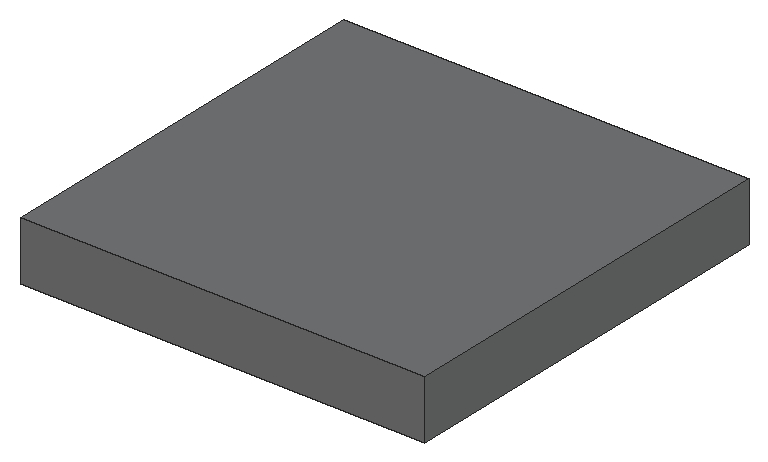
Revit family "Gira_0270005", category Electrical Fixtures, host Face, Revit 2017
Family settings
  Host = Face
  Maintain Annotation Orientation = No
  Round Connector Dimension = Use Diameter
  Part Type = Normal
  Cut with Voids When Loaded = No
  Shared = No
  Room Calculation Point = No
Parameters (values of type "Cov. UAE/IAE + network System 55 black m")
  URL = "http://katalog.gira.de/en/datenblatt.html?artikelnr=0270005"
  Transparent = "No"
  Name = "Cov. UAE/IAE + network System 55 black m"
  Manufacturer URL = "https://www.gira.de/"
  Manufacturer = "Gira"
  Keynote = ""
  HeinzeBIM = "https://bimportal.heinze.de/bim/cov-uae-iae-network-system-55-black-m/5a170906276820165f8bf9f128e8af3d14218ed3"
  HAN = "0270005"
  GTIN = "4010337036715"
  Description = "Cov.UAE IAE network Sys55 BKm,Cover for UAE IAE (ISDN) and network connection box,,black matt,Features:,- Cover plate can be broken out.,,Notes :,- Suitable for UAE IAE (ISDN) connection boxes."
  Default Elevation = 1219.2 mm
  Data sheet (1) = "https://katalog.gira.de/en/download.html?artikelnr=0270005"
  Category = "Insert/cover for communication technology"
  BIM (1) = "https://media.stage.bim.site/public/gira/36a6b08/Sys55_Abdeckung_Schalten und Tasten.rfa?public/gira/36a6b08/Sys55_Abdeckung_Schalten und Tasten.rfa"
  Available = "No"
  Anthrazit [instance] = Anthrazit
Reference planes
  plane 1 "Center (Front/Back)": y = 0
  plane 2: z = 0
  plane 3 "Center (Left/Right)": x = 0
Forms (mm)
  Extrusion 1, solid, material "Anthrazit" <- "Anthrazit", detail levels fine
    sketch origin (0, 0, 0) x (1, 0, 0) y (0, 1, 0)
      loop
        line (-27.5, 27.5) -> (-27.5, -27.5) -> (27.5, -27.5) -> (27.5, 27.5) -> (-27.5, 27.5)
    from 0 to 8
  Extrusion 2, void
    sketch origin (0, 0, 0) x (1, 0, 0) y (0, 1, 0)
      loop
        line (26, 26) -> (-26, 26) -> (-26, -26) -> (26, -26) -> (26, 26)
    from 0 to 6
  Extrusion 3, solid, material "Anthrazit" <- "Anthrazit", detail levels medium
    sketch origin (0, 0, 0) x (1, 0, 0) y (0, 1, 0)
      loop
        line (-27.5, 27.5) -> (-27.5, -27.5) -> (27.5, -27.5) -> (27.5, 27.5) -> (-27.5, 27.5)
    from 0 to 8
  Extrusion 4, solid, material "Anthrazit" <- "Anthrazit", detail levels medium
    sketch origin (0, 0, 0) x (1, 0, 0) y (0, 1, 0)
      loop
        line (11, -17.5) -> (11, 17.5) -> (-11, 17.5) -> (-11, -17.5) -> (11, -17.5)
    from -6 to 6
  Extrusion 5, solid, material "Anthrazit" <- "Anthrazit", detail levels fine
    sketch origin (0, 0, 0) x (1, 0, 0) y (0, 1, 0)
      loop
        line (11, 17.5) -> (-11, 17.5) -> (-11, 16.5) -> (11, 16.5) -> (11, 17.5)
      loop
        line (-11, -16.5) -> (-11, -17.5) -> (11, -17.5) -> (11, -16.5) -> (-11, -16.5)
    from -4 to 6
  Extrusion 6, solid, material "Anthrazit" <- "Anthrazit", detail levels fine
    sketch origin (0, 0, 0) x (1, 0, 0) y (0, 1, 0)
      loop
        arc (5, 9.347) -> (0, 10.6) -> (-5, 9.347) r 10.6
        line (-5, 9.347) -> (-5, -9.347)
        arc (-5, -9.347) -> (0, -10.6) -> (5, -9.347) r 10.6
        line (5, -9.347) -> (5, 9.347)
    from -6 to 6
  Extrusion 7, solid, material "Anthrazit" <- "Anthrazit", detail levels coarse
    sketch origin (0, 0, 0) x (1, 0, 0) y (0, 1, 0)
      loop
        line (-27.5, 27.5) -> (-27.5, -27.5) -> (27.5, -27.5) -> (27.5, 27.5) -> (-27.5, 27.5)
    from -6 to 8
Cuts and joins
  Extrusion 2 cuts Extrusion 1
Dimensions and locks
  aligned and locked: plane 2 to host face
  aligned and locked: level to host face
